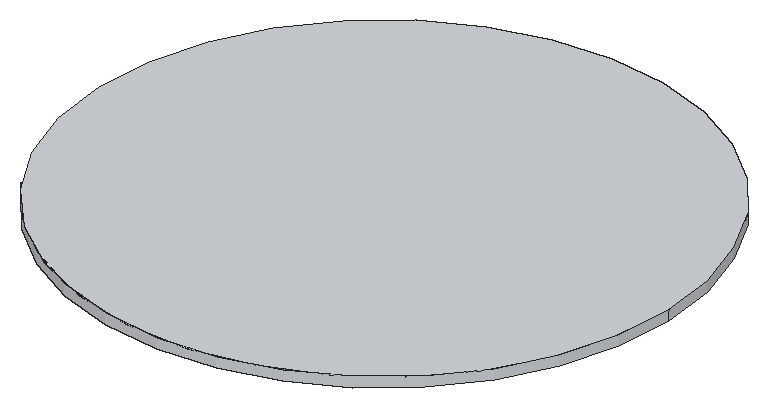
Revit family "CITY", category Lighting Fixtures, host Face, Revit 2023 (continued)
Types (10, lengths in mm): name | Radio | Photometric Web File | built-in parameter 1150142 | Manufacturer | LuxLight_Watios | LuxLight_Temperatura | LuxLight_Lumenes
  LISUP3083 | 1541.5 | "LISUP308301 .ies" | "IESNA:LM-63-2002\r\n[TEST] Viso  - serial: n/a sensor serial: n/a\r\n[TESTLAB] Viso  - serial: n/a sensor serial: n/a - Test lab\r\n[MANUFAC] LUXLIGHT\r\n[ISSUEDATE] 12/9/2025\r\n[LUMINAIRE] CITY ROUND 3000K 30W Ø300x55mm\r\n[LUMCAT] N/A\r\nTILT=NONE\r\n1 2280 1 181 17 1 2 -0.295 -0.295 0\r\n1.0 1.0 30.00\r\n0 1 2 3 4 5 6 7 8 9 10 11 12 13 14 15 16 17 18 19 20 21 22 23 24 25 26 27 28 29 30 31 32 33 34 35 36 37 38 39 40 41 42 43 44 45 46 47 48 49 50 51 52 53 54 55 56 57 58 59 60 61 62 63 64 65 66 67 68 69 70 71 72 73 74 75 76 77 78 79 80\r\n 81 82 83 84 85 86 87 88 89 90 91 92 93 94 95 96 97 98 99 100 101 102 103 104 105 106 107 108 109 110 111 112 113 114 115 116 117 118 119 120 121 122 123 124 125 126 127 128 129 130 131 132 133 134 135 136 137 138 139 140 141 142 143\r\n 144 145 146 147 148 149 150 151 152 153 154 155 156 157 158 159 160 161 162 163 164 165 166 167 168 169 170 171 172 173 174 175 176 177 178 179 180\r\n0 22.5 45 67.5 90 112.5 135 157.5 180 202.5 225 247.5 270 292.5 315 337.5 360 \r\n819.698364 818.945984 818.649536 817.965515 817.16748 816.095825 814.568176 812.858093 810.669189 808.434692 805.8125 802.666016 799.496704 796.12207 792.063538 788.073303 783.558655 779.044128 774.369873 768.738037 763.516541 757.839111\r\n 751.637207 745.366882 738.572205 732.210693 725.302002 717.344421 710.139282 702.478088 694.110107 686.312195 676.986511 668.34491 659.840088 649.853271 640.869629 631.429993 621.169495 611.570251 600.443359 590.388062 579.694336\r\n 567.83783 557.303711 546.017151 534.023804 522.326904 509.877502 497.838501 486.073181 473.099365 460.60437 447.311371 434.451569 421.500549 407.774292 395.028503 381.68988 367.576019 353.986572 339.804321 326.100891 312.899048 298.465973\r\n 284.557343 271.287109 256.010376 242.717361 228.056274 214.170441 200.923019 185.783096 172.53569 158.695435 143.509933 130.330902 115.897835 102.878418 89.425789 75.44873 62.292519 49.957142 36.778126 24.579552 12.335378 4.856627\r\n 3.078144 1.938091 1.390865 1.254059 1.208457 1.299661 1.322462 1.345263 1.436467 1.482069 1.50487 1.596075 1.618876 1.778483 1.846887 1.892489 1.983693 2.074897 2.120499 2.188903 2.280107 2.34851 2.462515 2.530919 2.599322 2.667725\r\n 2.804531 2.895736 2.98694 3.078144 3.123746 3.260553 3.328956 3.374558 3.442961 3.602569 3.648171 3.716574 3.876182 3.990187 4.012988 4.126993 4.172596 4.195396 4.286601 4.446208 4.514612 4.583014 4.719821 4.788224 4.856627 4.947832\r\n 5.016235 5.084639 5.153041 5.221445 5.267046 5.381052 5.403853 5.540659 5.654665 5.677466 5.723068 5.768671 5.859875 5.928277 5.996681 5.996681 6.065084 6.133488 6.20189 6.270294 6.293095 6.338697 6.338697 6.338697 6.338697 6.4071\r\n 6.4071 6.452703 6.566708 6.566708 6.589509 6.61231 6.657912 6.703514 6.680713 6.703514 6.726315 6.749116 6.749116 6.749116 6.749116 6.690688\r\n819.698364 819.196777 818.900391 818.239136 817.372681 816.027405 814.431335 812.721313 810.463989 808.161072 805.53894 802.392395 799.131836 795.643311 791.63031 787.503235 782.988708 778.451233 773.549072 767.871521 762.604492 756.927063\r\n 750.588379 744.318054 737.477722 730.888245 723.93396 715.999146 708.885193 700.950439 692.673645 684.738892 675.390442 666.589233 658.152832 648.553589 639.113953 629.560303 619.322571 609.198975 598.915649 588.450012 577.733459\r\n 565.899719 554.81842 544.079102 531.97168 520.34314 507.802612 495.763611 484.066681 470.56842 458.506683 444.757629 432.422272 419.995697 405.653809 392.97641 379.569397 365.501129 352.48172 337.661011 324.573212 310.778564 295.684265\r\n 282.368408 269.143799 253.821487 240.505661 225.251755 211.981537 198.7341 183.617004 170.39238 156.529343 141.549042 128.506821 114.142151 101.282349 87.829712 73.37384 60.787651 47.996246 35.045238 23.872717 12.996609 4.811026 3.100945\r\n 1.938091 1.413666 1.27686 1.254059 1.254059 1.322462 1.390865 1.413666 1.482069 1.527672 1.618876 1.618876 1.687279 1.778483 1.869688 1.938091 2.006494 2.052096 2.120499 2.188903 2.325709 2.416913 2.485316 2.667725 2.850133 2.941338\r\n 3.032542 3.146547 3.214951 3.283354 3.328956 3.397359 3.488563 3.534165 3.670972 3.716574 3.784977 3.85338 3.990187 4.081391 4.172596 4.2638 4.400606 4.514612 4.605816 4.719821 4.811026 4.879428 4.993434 5.061837 5.153041 5.198644\r\n 5.267046 5.381052 5.403853 5.517859 5.586262 5.586262 5.654665 5.74587 5.791471 5.882676 5.928277 5.996681 6.087885 6.087885 6.20189 6.20189 6.270294 6.293095 6.361498 6.4071 6.521106 6.543907 6.543907 6.635111 6.657912 6.635111 6.589509\r\n 6.521106 6.521106 6.566708 6.589509 6.61231 6.657912 6.680713 6.680713 6.680713 6.749116 6.703514 6.794719 6.726315 6.690688\r\n819.698364 819.812378 819.310791 818.581116 817.577942 816.301086 814.61377 812.835266 810.532349 808.092651 805.379333 802.073181 798.835388 795.164429 791.105835 786.819275 782.14502 777.721619 772.637024 767.187561 761.646912 755.764221\r\n 749.357117 743.269165 736.018494 729.474609 722.406189 714.653931 707.129517 699.194763 690.689941 682.777954 673.315552 664.901917 655.872681 646.227844 636.719849 627.531006 616.700439 607.07843 595.837463 585.736694 575.453369\r\n 562.912781 552.333069 540.955322 528.870789 517.173828 504.610443 493.027496 480.760529 467.741119 455.223328 441.360291 429.002106 416.5755 402.233643 389.556244 376.217651 362.080963 349.129944 334.309265 321.198639 307.449615 293.08493\r\n 279.267487 265.95166 250.788956 237.518723 222.948837 209.15419 195.952393 180.858063 167.79306 154.089615 139.770554 126.112701 111.953239 99.116249 85.754822 72.074181 59.100368 47.038605 34.224403 22.960676 12.540587 5.153041 3.328956\r\n 2.257306 1.664478 1.482069 1.482069 1.482069 1.573274 1.618876 1.71008 1.801284 1.732881 1.801284 1.869688 1.983693 2.052096 2.120499 2.120499 2.280107 2.34851 2.462515 2.530919 2.644924 2.850133 3.009741 3.078144 3.214951 3.283354\r\n 3.397359 3.465762 3.556967 3.648171 3.693773 3.762176 3.807778 3.807778 3.876182 3.944585 3.990187 4.081391 4.126993 4.172596 4.2638 4.355004 4.469009 4.560214 4.651418 4.742622 4.856627 4.925031 5.061837 5.153041 5.221445 5.33545\r\n 5.426654 5.472257 5.563461 5.586262 5.609063 5.654665 5.791471 5.859875 5.882676 5.97388 6.019482 6.133488 6.17909 6.224692 6.315896 6.361498 6.452703 6.475503 6.543907 6.566708 6.61231 6.680713 6.771917 6.794719 6.863122 6.863122\r\n 6.931525 6.931525 6.999928 6.999928 6.954326 6.863122 6.81752 6.863122 6.863122 6.885923 6.863122 6.885923 6.931525 6.954326 6.690688\r\n819.698364 820.040405 819.698364 818.831909 817.828735 816.460693 814.704956 812.652893 810.349976 807.819031 805.014526 801.708313 798.197021 794.685608 790.330627 786.203613 781.255798 776.60437 771.405762 765.796692 760.164795 754.441711\r\n 747.989014 741.490723 734.445251 727.513672 720.74176 712.578979 705.214233 697.256653 688.774658 680.224243 670.853027 662.325378 653.661011 643.537354 633.892517 624.703613 613.850342 604.137146 593.215393 582.567261 572.39801 560.290649\r\n 549.140869 538.264832 525.518982 514.32373 501.190277 489.561737 477.84201 464.115723 452.167969 438.282135 425.331116 412.858948 399.178314 385.908081 373.093872 358.911621 345.436188 331.185516 317.504852 303.733032 289.345551 275.482513\r\n 262.00708 246.36554 232.616501 217.6362 203.453934 189.932892 174.473785 161.11235 147.226501 132.77063 119.705605 104.702507 91.956711 79.575729 65.917892 54.471752 42.980015 31.511076 21.273397 11.582943 4.628617 3.009741 2.052096\r\n 1.527672 1.390865 1.390865 1.390865 1.459268 1.50487 1.550473 1.664478 1.687279 1.778483 1.824085 1.892489 1.938091 2.006494 2.074897 2.188903 2.34851 2.55372 2.713327 2.78173 2.872935 3.009741 3.078144 3.146547 3.260553 3.328956\r\n 3.397359 3.488563 3.62537 3.62537 3.739375 3.807778 3.876182 3.990187 4.05859 4.195396 4.240999 4.355004 4.423408 4.537413 4.583014 4.719821 4.742622 4.811026 4.879428 4.947832 5.016235 5.084639 5.13024 5.221445 5.289848 5.403853\r\n 5.403853 5.495058 5.540659 5.654665 5.74587 5.791471 5.859875 5.951079 6.019482 6.065084 6.133488 6.20189 6.270294 6.338697 6.4071 6.452703 6.521106 6.589509 6.61231 6.680713 6.726315 6.771917 6.81752 6.863122 6.931525 6.954326 6.999928\r\n 7.04553 7.068331 7.159535 7.091132 6.954326 6.885923 6.931525 6.954326 6.931525 6.931525 6.931525 6.954326 6.690688\r\n819.698364 821.887329 821.180481 820.177246 819.014404 817.327087 815.366211 813.314087 810.577942 808.001465 804.763733 801.297913 797.78656 793.933167 789.236206 784.858337 779.842163 774.894287 769.672852 763.653381 757.998718 751.842407\r\n 745.25293 738.503784 731.230225 724.025146 717.025146 708.953613 701.064453 693.038452 684.237244 675.664063 666.383972 657.332031 648.371216 637.973877 628.283447 618.798218 607.762451 597.935242 586.329468 576.091797 565.512085\r\n 553.359131 541.867371 529.760071 517.903503 506.525757 493.369507 481.056915 468.539154 455.223328 442.386322 428.910889 415.800262 403.236877 388.758209 375.351166 362.400177 347.146271 333.078003 318.188904 304.71347 290.485596\r\n 274.935272 260.661804 247.117981 231.522049 217.841415 202.222672 188.70163 174.587784 159.903885 145.949631 132.83902 118.04113 105.181328 90.657051 78.139259 65.325058 52.260048 40.654305 29.709793 19.563318 10.853309 4.126993 2.188903\r\n 1.322462 0.820838 0.729634 0.752435 0.820838 0.866441 0.866441 0.752435 0.820838 0.889242 0.934844 1.048849 1.094451 1.140053 1.322462 1.550473 1.618876 1.687279 1.755682 1.869688 1.91529 2.006494 2.074897 2.166101 2.257306 2.34851\r\n 2.416913 2.530919 2.622123 2.667725 2.78173 2.872935 2.918537 3.009741 3.146547 3.214951 3.328956 3.397359 3.465762 3.534165 3.602569 3.716574 3.807778 3.944585 3.990187 4.05859 4.081391 4.195396 4.2638 4.332203 4.423408 4.514612\r\n 4.605816 4.674219 4.742622 4.811026 4.856627 4.925031 4.993434 5.039036 5.10744 5.153041 5.221445 5.33545 5.381052 5.403853 5.449455 5.495058 5.563461 5.654665 5.74587 5.814272 5.837073 5.859875 5.97388 6.019482 6.087885 6.156289\r\n 6.133488 6.17909 6.224692 6.247493 6.270294 6.087885 6.019482 6.042283 6.065084 6.042283 6.133488 6.133488 6.17909 6.133488 6.087885 6.690688\r\n819.698364 819.424805 818.649536 817.577942 816.34668 814.864563 812.766907 810.691956 807.887451 805.151306 802.323975 798.630188 794.868042 791.197021 786.796448 782.21344 777.242859 772.408997 767.141968 761.008423 755.330994 749.516724\r\n 742.653564 735.90448 728.790527 721.859009 714.539856 706.149109 698.647522 690.507568 681.797546 673.224365 664.012756 655.05188 646.205078 635.8078 626.550537 616.746094 606.211975 595.905884 584.801819 574.108093 563.574036 551.421021\r\n 540.544922 527.935913 516.216187 504.83844 491.636627 479.30127 467.353485 453.558838 441.383087 427.246429 414.272614 401.640839 387.777771 373.755127 360.667297 345.458984 332.029175 316.501617 303.026184 288.798309 273.954834 259.681366\r\n 245.590302 230.655609 216.404938 201.424637 187.926407 173.880951 158.695435 145.425201 131.721771 117.516708 104.132477 90.246628 77.136017 64.983047 51.416409 39.810665 28.729347 18.947687 10.602497 4.05859 2.416913 1.596075 1.07165\r\n 0.934844 1.003247 1.07165 1.185656 1.048849 1.094451 1.185656 1.140053 1.254059 1.390865 1.618876 1.664478 1.732881 1.869688 1.938091 2.006494 2.097698 2.188903 2.257306 2.34851 2.462515 2.530919 2.599322 2.690526 2.78173 2.872935\r\n 2.964139 3.032542 3.146547 3.260553 3.328956 3.397359 3.442961 3.602569 3.693773 3.807778 3.876182 3.944585 3.944585 4.05859 4.126993 4.195396 4.2638 4.377805 4.469009 4.583014 4.605816 4.674219 4.742622 4.856627 4.925031 4.970633\r\n 5.061837 5.10744 5.175843 5.244246 5.33545 5.403853 5.426654 5.495058 5.563461 5.609063 5.677466 5.723068 5.791471 5.882676 5.905477 5.951079 6.019482 6.065084 6.087885 6.270294 6.270294 6.384299 6.452703 6.452703 6.498304 6.498304\r\n 6.384299 6.338697 6.384299 6.4071 6.452703 6.452703 6.4071 6.452703 6.361498 6.4071 6.4071 6.4071 6.4071 6.690688\r\n819.698364 818.421509 817.760315 816.68866 815.411804 813.747375 811.809204 809.734375 806.952576 804.398865 801.275146 797.78656 794.366455 790.558655 785.975586 781.711792 776.558777 771.861755 766.526306 760.780457 755.01178 749.174683\r\n 742.243164 735.995667 728.539734 721.631042 714.403076 706.399902 699.01239 690.917969 682.002747 673.908325 664.309143 655.690308 646.433044 636.605835 627.029358 617.726501 606.804871 596.521545 585.577026 575.362183 564.44043 552.287476\r\n 541.388611 529.349609 517.607056 506.320526 492.503082 480.464111 468.607544 454.85849 442.637115 428.477692 416.09671 402.849274 389.077423 375.647614 362.126556 347.944305 334.263641 319.260559 306.058746 292.583313 277.23819 263.033142\r\n 248.782455 233.916153 220.167114 204.548386 191.072952 176.959091 162.343597 148.457764 134.799911 119.956421 107.028214 92.982758 79.644135 67.308754 53.970131 42.980015 32.51432 21.501408 12.745797 4.925031 2.78173 1.824085 1.208457\r\n 1.048849 1.117252 1.208457 1.185656 1.208457 1.254059 1.322462 1.390865 1.618876 1.664478 1.732881 1.801284 1.892489 2.006494 2.052096 2.166101 2.211704 2.325709 2.416913 2.485316 2.599322 2.622123 2.667725 2.804531 2.895736 2.98694\r\n 3.055343 3.169348 3.260553 3.328956 3.397359 3.534165 3.556967 3.670972 3.739375 3.83058 3.944585 4.05859 4.126993 4.218197 4.286601 4.377805 4.49181 4.514612 4.560214 4.674219 4.788224 4.811026 4.925031 5.039036 5.061837 5.153041\r\n 5.221445 5.061837 5.13024 5.153041 5.244246 5.289848 5.403853 5.449455 5.517859 5.540659 5.609063 5.677466 5.74587 5.791471 5.837073 5.905477 5.928277 5.951079 6.019482 6.087885 6.17909 6.20189 6.20189 6.270294 6.293095 6.338697 6.361498\r\n 6.4071 6.4071 6.4071 6.452703 6.452703 6.521106 6.589509 6.657912 6.680713 6.680713 6.726315 6.61231 6.690688\r\n819.698364 818.284729 817.691956 816.620239 815.502991 813.952576 811.968811 809.871155 807.340271 804.626892 801.753906 798.105835 794.548828 790.855042 786.545654 782.14502 777.356812 772.203796 767.301575 761.282043 755.809814 749.767517\r\n 743.269165 736.748108 729.748169 722.657104 715.702698 707.927551 700.10675 692.126404 683.64447 675.253601 666.064819 657.081177 648.485168 638.247498 629.127075 619.390991 608.856934 598.733276 587.446716 577.231812 566.902954 554.795593\r\n 543.965088 531.470093 519.727539 508.463837 495.398804 483.177429 470.728058 457.617432 444.803253 431.350616 418.376801 405.767822 391.380341 378.132904 365.204712 350.361206 336.657776 322.384308 308.498474 295.387817 280.293518\r\n 267.046112 253.205856 237.997559 224.636124 210.066238 196.134781 182.95578 167.884262 154.249237 141.252625 126.431923 113.344109 99.16185 85.663612 72.416199 58.803955 46.833393 34.726025 23.006277 13.156216 4.674219 3.009741 1.938091\r\n 1.299661 1.117252 1.094451 1.185656 1.185656 1.27686 1.322462 1.368064 1.596075 1.687279 1.755682 1.801284 1.869688 1.938091 2.052096 2.120499 2.234505 2.302908 2.34851 2.416913 2.530919 2.599322 2.667725 2.758929 2.850133 2.941338\r\n 3.009741 3.100945 3.192149 3.214951 3.351757 3.442961 3.534165 3.602569 3.716574 3.784977 3.85338 3.944585 4.012988 4.126993 4.195396 4.286601 4.400606 4.49181 4.560214 4.674219 4.719821 4.856627 4.879428 4.947832 5.061837 5.153041\r\n 5.221445 5.289848 5.381052 5.449455 5.472257 5.563461 5.517859 5.472257 5.540659 5.654665 5.654665 5.723068 5.814272 5.859875 5.905477 5.996681 5.97388 6.042283 6.065084 6.133488 6.156289 6.20189 6.224692 6.338697 6.384299 6.4071\r\n 6.452703 6.498304 6.521106 6.589509 6.589509 6.635111 6.680713 6.726315 6.635111 6.680713 6.703514 6.703514 6.726315 6.703514 6.690688\r\n819.698364 818.717957 818.056702 817.053467 815.776611 814.431335 812.493286 810.349976 807.796265 805.12854 802.323975 798.698608 795.460876 791.858337 787.343689 782.988708 778.109253 773.389465 768.145203 762.581726 756.858643 751.226807\r\n 744.386475 738.207397 730.774231 723.842712 716.93396 709.135986 701.42926 693.859314 684.944092 676.918152 667.501221 658.928101 649.807678 639.75238 630.700317 621.351929 610.589844 600.443359 589.521606 578.850708 568.52179 556.938843\r\n 545.743591 533.294189 522.190063 510.424713 497.314087 485.161133 473.258942 459.669556 447.539368 433.516693 420.520111 408.047913 394.298859 380.98306
